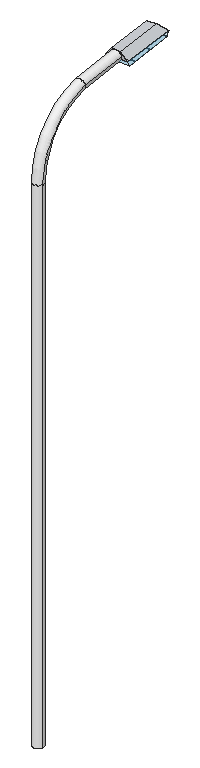
Revit family "1.3", category Generic Models, Revit 2018
Family settings
  Can host rebar = No
  Round Connector Dimension = Use Diameter
  Part Type = Normal
  Work Plane-Based = Yes
  Always vertical = Yes
  Cut with Voids When Loaded = No
  Shared = No
  Room Calculation Point = No
Parameters
  pale mat = Metal Deck
  Default Elevation = 1219.2 mm
Reference planes
  plane 1 "Center (Front/Back)": y = 0
  plane 2: z = 0
  plane 3 "Center (Left/Right)": x = 0
  plane 4 "1": through (4267.2, 1546.121, 9207.322) normal (0, -0.1083, 0.9941)
  plane 5 "2": through (4267.2, 1559.879, 9081.07) normal (0, -0.1083, 0.9941)
  plane 6 "3": through (4267.2, 2350.9, 9090.62) normal (0, 0.1083, -0.9941)
  plane 7 "4": through (4267.2, 2134.653, 8964.853) normal (0, 0.1083, -0.9941)
Forms (mm)
  Sweep 1, solid, material "Metal Deck" <- "pale mat"
    path origin (0, 0, 0) x (0, 1, 0) y (0, 0, 1)
      loop
        line (0, 0) -> (0, 8000)
        arc (0, 8000) -> (233.833, 8660.136) -> (831.057, 9025.897) r 1048.737
        line (831.057, 9025.897) -> (1541.561, 9125.752)
    profile origin (0, 0, 4000) x (0, -1, 0) y (1, 0, 0)
      loop
        circle (0, 0) r 80
  Blend 2, solid
    base sketch origin (0, -973.449, 8932.752) x (0, -0.994115, -0.108334) y (1, 0, 0)
      loop
        line (-3245.306, -76.808) -> (-2534.486, -76.808) -> (-2534.486, 75.592) -> (-3245.306, 75.592) -> (-3245.306, -76.808)
    top sketch origin (0, -973.449, 8932.752) x (0, -0.994115, -0.108334) y (1, 0, 0)
      loop
        line (-3346.906, -178.408) -> (-2534.486, -178.408) -> (-2534.486, 177.192) -> (-3346.906, 177.192) -> (-3346.906, -178.408)
    from 0 to -127
  Blend 3, solid, material "Glass"
    base sketch origin (0, -959.692, 8806.498) x (0, -0.994115, -0.108334) y (1, 0, 0)
      loop
        line (-3346.908, 177.192) -> (-3346.908, -178.408) -> (-2534.488, -178.408) -> (-2534.488, 177.192) -> (-3346.908, 177.192)
    top sketch origin (0, -959.692, 8806.498) x (0, -0.994115, -0.108334) y (1, 0, 0)
      loop
        line (-3320.308, -178.408) -> (-2559.448, -178.408) -> (-2559.448, 177.192) -> (-3320.308, 177.192) -> (-3320.308, -178.408)
    from 0 to -76.2
  Blend 4, solid, material "Glass"
    base sketch origin (0, -951.433, 8730.748) x (0, 0.994115, 0.108334) y (1, 0, 0)
      loop
        line (2559.444, 177.192) -> (2559.444, -178.408) -> (3320.304, -178.408) -> (3320.304, 177.192) -> (2559.444, 177.192)
    top sketch origin (0, -951.433, 8730.748) x (0, 0.994115, 0.108334) y (1, 0, 0)
      loop
        line (2788.484, -76.808) -> (3093.284, -76.808) -> (3093.284, 75.592) -> (2788.484, 75.592) -> (2788.484, -76.808)
    from 0 to 101.6
Dimensions and locks
  aligned and locked: level to plane 2
